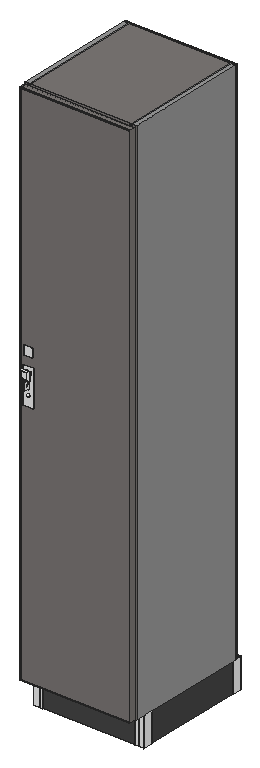
Revit family "Wood_Lockers_Hasps-Salsbury_Industries-15_41000_Series-1_Wide_Units", category Specialty Equipment, Revit 2026 (continued)
Definition of nested family "Wood Locker Sloping Hoods"
  Types (20): name | Width | Visible | Version | Type Comments | Model | Manufacturer | Height | Description | Depth
    44352 - for 21" Deep Lockers (1 Wide) | 12.000" | yes | "1.0 (12/15/23)" | "Sloping Hood for Premier Wood Lockers" | "44352" | "Salsbury Industries" | 7.993" | "For 21\" D - 1 Wide Lockers" | 20.625"
    44359 - for 15" Deep Lockers (3 Wide) | 36.000" | yes | "1.0 (12/15/23)" | "Sloping Hood for Premier Wood Lockers" | "44359" | "Salsbury Industries" | 5.743" | "For 15\" D - 3 Wide Lockers" | 14.625"
    44356 - for 18" Deep Lockers (3 Wide) | 36.000" | yes | "1.0 (12/15/23)" | "Sloping Hood for Premier Wood Lockers" | "44356" | "Salsbury Industries" | 6.868" | "For 18\" D - 3 Wide Lockers" | 17.625"
    44354 - for 21" Deep Lockers (3 Wide) | 36.000" | yes | "1.0 (12/15/23)" | "Sloping Hood for Premier Wood Lockers" | "44354" | "Salsbury Industries" | 7.993" | "For 21\" D - 3 Wide Lockers" | 20.625"
    44255 - for 24" Deep Lockers (1 Wide) | 15.000" | yes | "1.0 (12/15/23)" | "Sloping Hood for Premier Wood Lockers" | "44255" | "Salsbury Industries" | 9.118" | "For 24\" D - 1 Wood Lockers" | 23.625"
    442257 - for 24" Deep Lockers (3 Wide) | 45.000" | yes | "1.0 (12/15/23)" | "Sloping Hood for Premier Wod Lockers" | "44257" | "Salsbury Industries" | 9.118" | "For 24\" D - 3 Wide Lockers" | 23.625"
    44252 - for 21" Deep Lockers (1 Wide) | 15.000" | yes | "1.0 (12/15/23)" | "Sloping Hood for 15\" Wide Premier Wood Lockers" | "44252" | "Salsbury Industries" | 7.993" | "For 21\" D - 1 Wide Lockers" | 20.625"
    44254 - for 21" Deep Lockers (3 Wide) | 45.000" | yes | "1.0 (12/15/23)" | "Sloping Hood for 15\" Wide Premier Wood Lockers" | "44254" | "Salsbury Industries" | 7.993" | "For 21\" D - 3 Wide Lockers" | 20.625"
    44251 - for 18" Deep Lockers (1 Wide) | 15.000" | yes | "1.0 (12/15/23)" | "Sloping Hood for 15\"Wide Premier Wood Lockers" | "44251" | "Salsbury Industries" | 6.868" | "For 18\" D - 1 Wide Lockers" | 17.625"
    44253 - for 18" Deep Lockers (3 Wide) | 45.000" | yes | "1.0 (12/15/23)" | "Sloping Hood for 15\" Wide Premier Wood Lockers" | "44253" | "Salsbury Industries" | 6.868" | "For 18\" D - 3 Wide Lockers" | 17.625"
    None | 12.000" | no | "" | "" | "" | "" | 5.743" | "" | 14.625"
    44818 - for 18" Deep Lockers (1 Wide) | 18.000" | yes | "1.0 (12/15/23)" | "Sloping Hood for Premier Wood Lockers" | "44818" | "Salsbury Industries" | 6.868" | "For 18\" D - 1 Wide Lockers" | 17.625"
    44811- for 21" Deep Lockers (1 Wide) | 18.000" | yes | "1.0 (12/15/23)" | "Sloping Hood for Premier Wood Lockers" | "44811" | "Salsbury Industries" | 7.993" | "For 21\" D - 1 Wide Lockers" | 20.625"
    44814- for 24" Deep Lockers (1 Wide) | 18.000" | yes | "1.0 (12/15/23)" | "Sloping Hood for Premier Wood Lockers" | "44814" | "Salsbury Industries" | 9.118" | "For 24\" D - 1 Wide Lockers" | 23.625"
    44838- for 18" Deep Lockers (3 Wide) | 54.000" | yes | "1.0 (12/15/23)" | "Sloping Hood for Premier Wood Lockers" | "44838" | "Salsbury Industries" | 6.868" | "For 18\" D - 3 Wide Lockers" | 17.625"
    44831- for 21" Deep Lockers (3 Wide) | 54.000" | yes | "1.0 (12/15/23)" | "Sloping Hood for Premier Wood Lockers" | "44831" | "Salsbury Industries" | 7.993" | "For 21\" D - 3 Wide Lockers" | 20.625"
    44834- for 24" Deep Lockers (3 Wide) | 54.000" | yes | "1.0 (12/15/23)" | "Sloping Hood for Premier Wood Lockers" | "834" | "Salsbury Industries" | 9.118" | "For 24\" D - 3 Wide Lockers" | 23.625"
  Reference planes (in)
    plane 1 "Center (Front/Back)": y = 0
    plane 2: z = 0
    plane 3 "Center (Left/Right)": x = 0
    plane 4 "Front of Hood": y = -11.8125
    plane 5 "Back of Hood": y = 11.8125
    plane 6 "Right Side of Hood": x = 27
    plane 7 "Left Side of Hood": x = -27
    plane 8 "Bottom of Hood": z = 0
    plane 9 "Top of Hood": z = 9.118
    plane 10: x = 26.25
    plane 11: x = -26.25
    plane 12: y = -11.7815
    plane 13: y = -11.0625
    plane 14: z = 9.087
    plane 15: z = 8.368
    plane 16: z = 0.062
    plane 17: z = 0.75
  Forms (in)
    Extrusion 1, solid, visible <- "Visible"
      sketch origin (27, 0.37227, 0) x (0, -1, 0) y (0, 0, 1)
        loop
          line (-0.26039, 4.07368) -> (-0.26039, 0) -> (0.37227, 0) -> (0.37227, 3.83066) -> (-0.26039, 4.07368)
      from 0 to 54
    Extrusion 2, solid, visible <- "Visible"
      sketch origin (0, 0, 0) x (0, 1, 0) y (0, 0, 1)
        loop
          line (-9.97273, 0) -> (11.8125, 8.368) -> (11.8125, 9.087) -> (-11.73269, 0.062) -> (-11.7815, 0.062) -> (-11.7815, 0) -> (-9.97273, 0)
      from -27 to 27
    Extrusion 3, solid, material <- "Laminate Surface", visible <- "Visible"
      sketch origin (0, 0, 0) x (0, 1, 0) y (0, 0, 1)
        loop
          line (-11.8125, 0.062) -> (-11.8125, 0) -> (-11.7815, 0) -> (-11.7815, 0.062) -> (-11.8125, 0.062)
      from -27 to 27
    Extrusion 4, solid, material <- "Laminate Surface", visible <- "Visible"
      sketch origin (0, 0, 0) x (0, 1, 0) y (0, 0, 1)
        loop
          line (11.8125, 9.118) -> (-11.8125, 0.062) -> (-11.73269, 0.062) -> (11.8125, 9.087) -> (11.8125, 9.118)
      from -27 to 27
  Dimensions and locks (in)
    equal spacing: plane 7 "Left Side of Hood", plane 3 "Center (Left/Right)", plane 6 "Right Side of Hood"
    "Width": plane 7 "Left Side of Hood" to plane 6 "Right Side of Hood"
    equal spacing: plane 4 "Front of Hood", plane 1 "Center (Front/Back)", plane 5 "Back of Hood"
    "Depth": plane 4 "Front of Hood" to plane 5 "Back of Hood"
    "Height": plane 9 "Top of Hood" to plane 8 "Bottom of Hood"
    plane 7 "Left Side of Hood" to plane 11 = 0.750"
    plane 10 to plane 6 "Right Side of Hood" = 0.750"
    plane 4 "Front of Hood" to plane 12 to plane 13 = 0.031" locked, 0.719" locked
    plane 15 to plane 14 to plane 9 "Top of Hood" = 0.719" locked, 0.031" locked
    locked: plane 16 to plane 8 "Bottom of Hood" at 0.062
    locked: plane 17 to plane 8 "Bottom of Hood" at 0.75
    aligned and locked: level to plane 2
    aligned and locked: Extrusion 2 to plane 6 "Right Side of Hood"
    aligned and locked: plane 7 "Left Side of Hood" to Extrusion 2
    aligned and locked: plane 7 "Left Side of Hood" to Extrusion 4
    aligned and locked: Extrusion 4 to plane 6 "Right Side of Hood"
    aligned and locked: Extrusion 3 to plane 6 "Right Side of Hood"
    aligned and locked: plane 7 "Left Side of Hood" to Extrusion 3
    aligned and locked: Extrusion 2 to Extrusion 1 sketch curve
    aligned and locked: plane 7 "Left Side of Hood" to Extrusion 1
    aligned and locked: Extrusion 1 to plane 6 "Right Side of Hood"
  Automatic sketch dimensions
    Extrusion 3 sketch curve to level = 0.000"
    Extrusion 3 sketch curve to plane 4 "Front of Hood" = 0.000"
    Extrusion 3 sketch curve to plane 12 = 0.000"
    plane 16 to Extrusion 3 sketch curve = 0.000"
    Extrusion 4 sketch curve to plane 4 "Front of Hood" = 0.000"
    plane 16 to Extrusion 4 sketch curve = 0.000"
    Extrusion 4 sketch curve to plane 5 "Back of Hood" = 0.000"
    plane 14 to Extrusion 4 sketch curve = 0.000"
    plane 9 "Top of Hood" to Extrusion 4 sketch curve = 0.000"
    Extrusion 4 sketch curve to plane 12 = 0.04881"
    Extrusion 2 sketch curve to level = 0.000"
    Extrusion 2 sketch curve to plane 12 = 0.000"
    plane 16 to Extrusion 2 sketch curve = 0.000"
    Extrusion 2 sketch curve to plane 5 "Back of Hood" = 0.000"
    plane 15 to Extrusion 2 sketch curve = 0.000"
    plane 14 to Extrusion 2 sketch curve = 0.000"
    Extrusion 2 sketch curve to plane 13 = 1.08977"
    Extrusion 2 sketch curve to plane 12 = 0.04881"
    Extrusion 1 sketch curve to level = 0.000"
    Extrusion 1 sketch curve to plane 1 "Center (Front/Back)" = 0.000"
    Extrusion 1 sketch curve to Extrusion 1 sketch curve = 0.24302"
Definition of nested family "Wood Locker Double Side Panels-With Slope"
  Parameters (values of type "44238DE - 6' H for 24"D Lockers")
    Width = 47.250"
    Visible = yes
    Version = "1.0 (12/15/23)"
    Type Comments = "Double End Panel for Premier Wood Lockers"
    Slope Height = 8.895"
    Model = "442386DE"
    Manufacturer = "Salsbury Industries"
    Laminate Surface = none
    Height = 72.153"
    Door Trim = none
    Description = "For 6' H x 21\" D Lockers with Sloping Hood"
    Depth = 0.750"
    Default Elevation = 0.000"
  Types (6): name | Width | Visible | Version | Type Comments | Slope Height | Model | Manufacturer | Height | Description
    (no name) | 47.250" | yes | "1.0 (12/15/23)" | "Double End Panel for Premier Wood Lockers" | 8.895" | "442386DE" | "Salsbury Industries" | 72.153" | "For 6' H x 21\" D Lockers with Sloping Hood"
    44339DE - 6' H for 15"D Lockers | 29.250" | yes | "1.0 (12/15/23)" | "Double End Panel for Premier Wood Lockers" | 5.681" | "44339DE" | "Salsbury Industries" | 72.062" | "For 6' H x 15\" D Lockers with Sloping Hood"
    44334DE - 6' H  for 18" D Lockers | 35.250" | yes | "1.0 (12/15/23)" | "Double End Panel for Premier Wood Lockers" | 6.806" | "44334DE" | "Salsbury Industries" | 72.062" | "For 6' H x 18\" D Lockers with Sloping Hood"
    44336DE - 6' H for 21" D Lockers | 41.250" | yes | "1.0 (12/15/23)" | "Double End Panel for Premier Wood Lockers" | 7.931" | "44336DE" | "Salsbury Industries" | 72.062" | "For 6' H x 21\" D Lockers with Sloping Hood"
    None | 14.000" | no | "" | "" | 5.500" | "" | "" | 72.000" | ""
    44238DE - 6' H for 24"D Lockers | 47.250" | yes | "1.0 (12/15/23)" | "Double End Panel for Premier Wood Lockers" | 8.895" | "442386DE" | "Salsbury Industries" | 72.153" | "For 6' H x 21\" D Lockers with Sloping Hood"
  Reference planes (in)
    plane 1 "Center (Front/Back)": y = 0
    plane 2: z = 0
    plane 3 "Center (Left/Right)": x = 0
    plane 4 "Back": y = 0.375
    plane 5 "Front": y = -0.375
    plane 6 "Left Side": x = -23.625
    plane 7 "Right Side": x = 23.625
    plane 8 "Bottom": z = 0
    plane 9 "Top": z = 72.153
    plane 10 "Center Elevation": z = 36.0765
    plane 11 "Wood - Laminate Edge": y = -0.344
    plane 12 "Right Side of Wood": x = 23.594
    plane 13 "Left Side of Wood": x = -23.594
    plane 14 "Top of Wood": z = 72.028
    plane 15 "Bottom of Wood": z = 0.125
    plane 16: z = 81.048
    plane 17: z = 81.017
  Forms (in)
    Extrusion 1, solid, visible <- "Visible"
      sketch origin (0, 0.375, 0) x (1, 0, 0) y (0, 0, 1)
        loop
          line (23.594, 72.122) -> (0, 81.017) -> (-23.594, 72.122) -> (-23.594, 0) -> (23.594, 0) -> (23.594, 72.122)
      from 0 to 0.719
    Extrusion 2, solid, material <- "Laminate Surface", visible <- "Visible"
      sketch origin (0, -0.375, 0) x (1, 0, 0) y (0, 0, 1)
        loop
          line (23.625, 0) -> (23.625, 72.153) -> (0, 81.048) -> (-23.625, 72.153) -> (-23.625, 0) -> (23.625, 0)
      from -0.031 to 0
    Extrusion 3, solid, material <- "Laminate Surface", visible <- "Visible"
      sketch origin (0, 0.375, 0) x (1, 0, 0) y (0, 0, 1)
        loop
          line (23.625, 0) -> (23.625, 72.153) -> (0, 81.048) -> (-23.625, 72.153) -> (-23.625, 0) -> (-23.594, 0) -> (-23.594, 72.122) -> (0, 81.017) -> (23.594, 72.122) -> (23.594, 0) -> (23.625, 0)
      from 0 to 0.719
  Dimensions and locks (in)
    equal spacing: plane 6 "Left Side", plane 3 "Center (Left/Right)", plane 7 "Right Side"
    plane 5 "Front" to plane 1 "Center (Front/Back)" to plane 4 "Back" = 0.375", 0.375"
    "Width": plane 6 "Left Side" to plane 7 "Right Side"
    "Depth": plane 5 "Front" to plane 4 "Back"
    equal spacing: plane 9 "Top", plane 10 "Center Elevation", plane 8 "Bottom"
    "Height": plane 9 "Top" to plane 8 "Bottom"
    locked: plane 5 "Front" to plane 11 "Wood - Laminate Edge" at 0.031
    locked: plane 15 "Bottom of Wood" to plane 8 "Bottom" at 0.125
    locked: plane 12 "Right Side of Wood" to plane 7 "Right Side" at 0.031
    locked: plane 6 "Left Side" to plane 13 "Left Side of Wood" at 0.031
    locked: plane 9 "Top" to plane 14 "Top of Wood" at 0.125
    "Slope Height": plane 16 to plane 9 "Top"
    locked: plane 16 to plane 17 at 0.031
    aligned and locked: level to plane 2
    aligned and locked: Extrusion 3 to plane 4 "Back"
    aligned and locked: plane 11 "Wood - Laminate Edge" to Extrusion 3
  Automatic sketch dimensions
    plane 6 "Left Side" to Extrusion 2 sketch curve = 0.000"
    Extrusion 2 sketch curve to plane 3 "Center (Left/Right)" = 0.000"
    plane 7 "Right Side" to Extrusion 2 sketch curve = 0.000"
    Extrusion 2 sketch curve to level = 0.000"
    Extrusion 2 sketch curve to plane 9 "Top" = 0.000"  (x2)
    Extrusion 2 sketch curve to plane 16 = 0.000"
    Extrusion 1 sketch curve to level = 0.000"
    plane 13 "Left Side of Wood" to Extrusion 1 sketch curve = 0.000"
    Extrusion 1 sketch curve to plane 3 "Center (Left/Right)" = 0.000"
    plane 12 "Right Side of Wood" to Extrusion 1 sketch curve = 0.000"
    Extrusion 1 sketch curve to plane 17 = 0.000"
    plane 9 "Top" to Extrusion 1 sketch curve = 0.031"  (x2)
    Extrusion 3 sketch curve to level = 0.000"  (x2)
    plane 6 "Left Side" to Extrusion 3 sketch curve = 0.000"
    plane 13 "Left Side of Wood" to Extrusion 3 sketch curve = 0.000"
    Extrusion 3 sketch curve to plane 3 "Center (Left/Right)" = 0.000"  (x2)
    plane 12 "Right Side of Wood" to Extrusion 3 sketch curve = 0.000"
    plane 7 "Right Side" to Extrusion 3 sketch curve = 0.000"
    Extrusion 3 sketch curve to plane 9 "Top" = 0.000"  (x2)
    plane 9 "Top" to Extrusion 3 sketch curve = 0.031"  (x2)
    Extrusion 3 sketch curve to plane 17 = 0.000"
    Extrusion 3 sketch curve to plane 16 = 0.000"
Definition of nested family "Wood Locker Side Panels-No Slope"
  Parameters (values of type "44237 - 6' H for 24"D Lockers")
    Width = 23.625"
    Visible = yes
    Version = "1.0 (12/15/23)"
    Type Comments = "Side Panel for Premier Wood Lockers without Sloping Hood"
    Model = "44237"
    Manufacturer = "Salsbury Industries"
    Laminate Surface = none
    Height = 72.000"
    Door Trim = none
    Description = "6' H for 21\" D Lockers"
    Depth = 0.750"
    Default Elevation = 0.000"
  Types (6): name | Width | Visible | Version | Type Comments | Model | Manufacturer | Description
    (no name) | 23.625" | yes | "1.0 (12/15/23)" | "Side Panel for Premier Wood Lockers without Sloping Hood" | "44237" | "Salsbury Industries" | "6' H for 21\" D Lockers"
    44330 - 6' H for 15"D Lockers | 14.625" | yes | "1.0 (12/15/23)" | "Side Panel for Premier Wood Lockers without Sloping Hood" | "44330" | "Salsbury Industries" | "6' H for 15\" D Lockers"
    44333 - 6' H for 18" D Lockers | 17.625" | yes | "1.0 (12/15/23)" | "Side Panel for Premier Wood Lockers withouth Sloping Hood" | "44333" | "Salsbury Industries" | "6' H for 18\" D Lockers"
    44335 - 6' H for 21" D Lockers | 20.625" | yes | "1.0 (12/15/23)" | "Side Panel for Premier Wood Lockers without Sloping Hood" | "44335" | "Salsbury Industries" | "6' H for 21\" D Lockers"
    None | 14.000" | no | "" | "" | "" | "" | ""
    44237 - 6' H for 24"D Lockers | 23.625" | yes | "1.0 (12/15/23)" | "Side Panel for Premier Wood Lockers without Sloping Hood" | "44237" | "Salsbury Industries" | "6' H for 21\" D Lockers"
  Reference planes (in)
    plane 1 "Center (Front/Back)": y = 0
    plane 2: z = 0
    plane 3 "Center (Left/Right)": x = 0
    plane 4 "Back": y = 0.375
    plane 5 "Front": y = -0.375
    plane 6 "Left Side": x = -11.8125
    plane 7 "Right Side": x = 11.8125
    plane 8 "Bottom": z = 0
    plane 9 "Top": z = 72
    plane 10 "Center Elevation": z = 36
    plane 11 "Wood - Laminate Edge": y = -0.344
    plane 12 "Right Side of Wood": x = 11.7815
    plane 13 "Left Side of Wood": x = -11.7815
    plane 14 "Top of Wood": z = 71.969
    plane 15 "Bottom of Wood": z = 0.031
  Forms (in)
    Extrusion 1, solid, visible <- "Visible"
      sketch origin (0, 0.375, 0) x (1, 0, 0) y (0, 0, 1)
        loop
          line (11.7815, 71.969) -> (-11.7815, 71.969) -> (-11.7815, 0.031) -> (11.7815, 0.031) -> (11.7815, 71.969)
      from 0 to 0.719
    Extrusion 2, solid, material <- "Laminate Surface", visible <- "Visible"
      sketch origin (0, -0.375, 0) x (1, 0, 0) y (0, 0, 1)
        loop
          line (-11.8125, 72) -> (-11.8125, 0) -> (11.8125, 0) -> (11.8125, 72) -> (-11.8125, 72)
      from -0.031 to 0
    Extrusion 3, solid, material <- "Laminate Surface", visible <- "Visible"
      sketch origin (0, 0, 0) x (1, 0, 0) y (0, 0, 1)
        loop
          line (-11.8125, 0) -> (11.8125, 0) -> (11.8125, 72) -> (-11.8125, 72) -> (-11.8125, 0)
        loop
          line (-11.7815, 0.031) -> (11.7815, 0.031) -> (11.7815, 71.969) -> (-11.7815, 71.969) -> (-11.7815, 0.031)
      from -0.375 to 0.344
  Dimensions and locks (in)
    equal spacing: plane 6 "Left Side", plane 3 "Center (Left/Right)", plane 7 "Right Side"
    plane 5 "Front" to plane 1 "Center (Front/Back)" to plane 4 "Back" = 0.375", 0.375"
    "Width": plane 6 "Left Side" to plane 7 "Right Side"
    "Depth": plane 5 "Front" to plane 4 "Back"
    equal spacing: plane 9 "Top", plane 10 "Center Elevation", plane 8 "Bottom"
    "Height": plane 9 "Top" to plane 8 "Bottom"
    locked: plane 5 "Front" to plane 11 "Wood - Laminate Edge" at 0.031
    locked: plane 15 "Bottom of Wood" to plane 8 "Bottom" at 0.031
    locked: plane 12 "Right Side of Wood" to plane 7 "Right Side" at 0.031
    locked: plane 6 "Left Side" to plane 13 "Left Side of Wood" at 0.031
    locked: plane 9 "Top" to plane 14 "Top of Wood" at 0.031
    aligned and locked: level to plane 2
    aligned and locked: Extrusion 2 sketch curve to plane 7 "Right Side"
    aligned and locked: plane 8 "Bottom" to Extrusion 2 sketch curve
    aligned and locked: plane 6 "Left Side" to Extrusion 2 sketch curve
    aligned and locked: plane 9 "Top" to Extrusion 2 sketch curve
    aligned and locked: Extrusion 3 to plane 4 "Back"
    aligned and locked: plane 11 "Wood - Laminate Edge" to Extrusion 3
  Automatic sketch dimensions
    plane 13 "Left Side of Wood" to Extrusion 1 sketch curve = 0.000"
    plane 12 "Right Side of Wood" to Extrusion 1 sketch curve = 0.000"
    Extrusion 1 sketch curve to plane 15 "Bottom of Wood" = 0.000"
    Extrusion 1 sketch curve to plane 14 "Top of Wood" = 0.000"
    plane 13 "Left Side of Wood" to Extrusion 3 sketch curve = 0.000"
    Extrusion 3 sketch curve to level = 0.000"
    plane 13 "Left Side of Wood" to Extrusion 3 sketch curve = 0.031"
    plane 12 "Right Side of Wood" to Extrusion 3 sketch curve = 0.000"
    plane 7 "Right Side" to Extrusion 3 sketch curve = 0.000"
    Extrusion 3 sketch curve to plane 15 "Bottom of Wood" = 0.000"
    Extrusion 3 sketch curve to plane 14 "Top of Wood" = 0.000"
    Extrusion 3 sketch curve to plane 9 "Top" = 0.000"
Definition of nested family "Wood Locker Double Side Panels-No Slope"
  Parameters (values of type "44237DE - 6' H for 24"D Lockers")
    Width = 47.250"
    Visible = yes
    Version = "1.0 (12/15/23)"
    Type Comments = "Double End Panel for Premier Wood Lockers"
    Model = "44237DE"
    Manufacturer = "Salsbury Industries"
    Laminate Surface = none
    Height = 72.000"
    Door Trim = none
    Description = "For 6' H x 21\" D without Sloping Hood"
    Depth = 0.750"
    Default Elevation = 0.000"
  Types (6): name | Width | Visible | Version | Type Comments | Model | Manufacturer | Description
    (no name) | 47.250" | yes | "1.0 (12/15/23)" | "Double End Panel for Premier Wood Lockers" | "44237DE" | "Salsbury Industries" | "For 6' H x 21\" D without Sloping Hood"
    44330DE - 6' H for 15"D Lockers | 29.250" | yes | "1.0 (12/15/23)" | "Double End Panel for Premier Wood Lockers" | "44330DE" | "Salsbury Industries" | "For 6' H x 15\" D without Sloping Hood"
    44333DE - 6' H for 18" D Lockers | 35.250" | yes | "1.0 (12/15/23)" | "Double End Panel for Premier Wood Lockers" | "44333DE" | "Salsbury Industries" | "For 6' H x 18\" D without Sloping Hood"
    44335DE - 6' H for 21" D Lockers | 41.250" | yes | "1.0 (12/15/23)" | "Double End Panel for Premier Wood Lockers" | "44335DE" | "Salsbury Industries" | "For 6' H x 21\" D without Sloping Hood"
    None | 14.000" | no | "" | "" | "" | "" | ""
    44237DE - 6' H for 24"D Lockers | 47.250" | yes | "1.0 (12/15/23)" | "Double End Panel for Premier Wood Lockers" | "44237DE" | "Salsbury Industries" | "For 6' H x 21\" D without Sloping Hood"
  Reference planes (in)
    plane 1 "Center (Front/Back)": y = 0
    plane 2: z = 0
    plane 3 "Center (Left/Right)": x = 0
    plane 4 "Back": y = 0.375
    plane 5 "Front": y = -0.375
    plane 6 "Left Side": x = -23.625
    plane 7 "Right Side": x = 23.625
    plane 8 "Bottom": z = 0
    plane 9 "Top": z = 72
    plane 10 "Center Elevation": z = 36
    plane 11 "Wood - Laminate Edge": y = -0.344
    plane 12 "Right Side of Wood": x = 23.594
    plane 13 "Left Side of Wood": x = -23.594
    plane 14 "Top of Wood": z = 71.969
    plane 15 "Bottom of Wood": z = 0.031
  Forms (in)
    Extrusion 1, solid, visible <- "Visible"
      sketch origin (0, 0.375, 0) x (1, 0, 0) y (0, 0, 1)
        loop
          line (23.594, 71.969) -> (-23.594, 71.969) -> (-23.594, 0.031) -> (23.594, 0.031) -> (23.594, 71.969)
      from 0 to 0.719
    Extrusion 2, solid, material <- "Laminate Surface", visible <- "Visible"
      sketch origin (0, -0.375, 0) x (1, 0, 0) y (0, 0, 1)
        loop
          line (-23.625, 72) -> (-23.625, 0) -> (23.625, 0) -> (23.625, 72) -> (-23.625, 72)
      from -0.031 to 0
    Extrusion 3, solid, material <- "Laminate Surface", visible <- "Visible"
      sketch origin (0, 0, 0) x (1, 0, 0) y (0, 0, 1)
        loop
          line (-23.625, 0) -> (23.625, 0) -> (23.625, 72) -> (-23.625, 72) -> (-23.625, 0)
        loop
          line (23.594, 71.969) -> (-23.594, 71.969) -> (-23.594, 0.031) -> (23.594, 0.031) -> (23.594, 71.969)
      from -0.375 to 0.344
  Dimensions and locks (in)
    equal spacing: plane 6 "Left Side", plane 3 "Center (Left/Right)", plane 7 "Right Side"
    plane 5 "Front" to plane 1 "Center (Front/Back)" to plane 4 "Back" = 0.375", 0.375"
    "Width": plane 6 "Left Side" to plane 7 "Right Side"
    "Depth": plane 5 "Front" to plane 4 "Back"
    equal spacing: plane 9 "Top", plane 10 "Center Elevation", plane 8 "Bottom"
    "Height": plane 9 "Top" to plane 8 "Bottom"
    locked: plane 5 "Front" to plane 11 "Wood - Laminate Edge" at 0.031
    locked: plane 15 "Bottom of Wood" to plane 8 "Bottom" at 0.031
    plane 12 "Right Side of Wood" to plane 7 "Right Side" = 0.031"
    locked: plane 6 "Left Side" to plane 13 "Left Side of Wood" at 0.031
    locked: plane 9 "Top" to plane 14 "Top of Wood" at 0.031
    aligned and locked: level to plane 2
    aligned and locked: Extrusion 2 sketch curve to plane 8 "Bottom"
    aligned and locked: plane 6 "Left Side" to Extrusion 2 sketch curve
    aligned and locked: Extrusion 2 sketch curve to plane 7 "Right Side"
    aligned and locked: Extrusion 2 sketch curve to plane 9 "Top"
    aligned and locked: Extrusion 3 to plane 4 "Back"
    aligned and locked: plane 11 "Wood - Laminate Edge" to Extrusion 3
  Automatic sketch dimensions
    plane 13 "Left Side of Wood" to Extrusion 1 sketch curve = 0.000"
    plane 12 "Right Side of Wood" to Extrusion 1 sketch curve = 0.000"
    Extrusion 1 sketch curve to plane 15 "Bottom of Wood" = 0.000"
    Extrusion 1 sketch curve to plane 14 "Top of Wood" = 0.000"
    Extrusion 3 sketch curve to level = 0.000"
    plane 6 "Left Side" to Extrusion 3 sketch curve = 0.000"
    plane 7 "Right Side" to Extrusion 3 sketch curve = 0.000"
    Extrusion 3 sketch curve to plane 9 "Top" = 0.000"
    plane 13 "Left Side of Wood" to Extrusion 3 sketch curve = 0.000"
    Extrusion 3 sketch curve to plane 15 "Bottom of Wood" = 0.000"
    Extrusion 3 sketch curve to plane 14 "Top of Wood" = 0.000"
    plane 12 "Right Side of Wood" to Extrusion 3 sketch curve = 0.000"
Definition of nested family "Wood Locker Sloping In-Line Fillers"
  Parameters (values of type "44489 - 15" W for 24" D Lockers")
    Width = 15.000"
    Visible = yes
    Version = "1.0 (12/15/23)"
    Type Comments = "Sloping Hood In-Line Filler for Premier Wood Lockers"
    Model = "44489"
    Manufacturer = "Salsbury Industries"
    Laminate Surface = none
    Height = 9.118"
    Description = "For 24\" D Lockers"
    Depth = 23.625"
    Default Elevation = 0.000"
  Types (10): name | Width | Visible | Version | Type Comments | Model | Manufacturer | Height | Description | Depth
    (no name) | 15.000" | yes | "1.0 (12/15/23)" | "Sloping Hood In-Line Filler for Premier Wood Lockers" | "44489" | "Salsbury Industries" | 9.118" | "For 24\" D Lockers" | 23.625"
    44487 - 15" W for 15" D Lockers | 15.000" | yes | "1.0 (12/15/23)" | "Sloping Hood In-Line Filler for Premier Wood Lockers" | "44487" | "Salsbury Industries" | 5.743" | "For 15\" D Lockers" | 14.625"
    44488 - 15" W for 18" D Lockers | 15.000" | yes | "1.0 (12/15/23)" | "Sloping Hood In-Line Filler for Premier Wood Lockers" | "44488" | "Salsbury Industries" | 6.868" | "For 18\" D Lockers" | 17.625"
    44481 - 15" W for 21" D Lockers | 15.000" | yes | "1.0 (12/15/23)" | "Sloping Hood In-Line Filler for Premier Wood Lockers" | "44481" | "Salsbury Industries" | 7.993" | "For 21\" D Lockers" | 20.625"
    None | 12.000" | no | "" | "" | "" | "" | 5.500" | "" | 14.000"
    44489 - 15" W for 24" D Lockers | 15.000" | yes | "1.0 (12/15/23)" | "Sloping Hood In-Line Filler for Premier Wood Lockers" | "44489" | "Salsbury Industries" | 9.118" | "For 24\" D Lockers" | 23.625"
    44488 - 9" W for 18" D Lockers | 9.000" | yes | "1.0 (12/15/23)" | "Sloping Hood In-Line Filler for Premier Wood Lockers" | "44488" | "Salsbury Industries" | 6.868" | "For 18\" D Lockers" | 17.625"
    44487 - 9" W for 15" D Lockers | 9.000" | yes | "1.0 (12/15/23)" | "Sloping Hood In-Line Filler for Premier Wood Lockers" | "44487" | "Salsbury Industries" | 5.743" | "For 15\" D Lockers" | 14.625"
    44481 - 9" W for 21" D Lockers | 9.000" | yes | "1.0 (12/15/23)" | "Sloping Hood In-Line Filler for Premier Wood Lockers" | "44481" | "Salsbury Industries" | 7.993" | "For 21\" D Lockers" | 20.625"
    44489 - 9" W for 24" D Lockers | 9.000" | yes | "1.0 (12/15/23)" | "Sloping Hood In-Line Filler for Premier Wood Lockers" | "44489" | "Salsbury Industries" | 9.118" | "For 24\" D Lockers" | 23.625"
  Reference planes (in)
    plane 1 "Center (Front/Back)": y = 0
    plane 2: z = 0
    plane 3 "Center (Left/Right)": x = 0
    plane 4 "Front of Hood": y = -11.8125
    plane 5 "Back of Hood": y = 11.8125
    plane 6 "Right Side of Hood": x = 7.5
    plane 7 "Left Side of Hood": x = -7.5
    plane 8 "Bottom of Hood": z = 0
    plane 9 "Top of Hood": z = 9.118
    plane 10: x = 6.75
    plane 11: x = -6.75
    plane 12: y = -11.7815
    plane 13: y = -11.0625
    plane 14: z = 9.087
    plane 15: z = 8.368
    plane 16: z = 0.062
    plane 17: z = 0.75
  Forms (in)
    Extrusion 1, solid, visible <- "Visible"
      sketch origin (0, 0, 0) x (0, 1, 0) y (0, 0, 1)
        loop
          line (-9.97273, 0) -> (11.8125, 8.368) -> (11.8125, 9.087) -> (-11.73269, 0.062) -> (-11.7815, 0.062) -> (-11.7815, 0) -> (-9.97273, 0)
      from -7.5 to 7.5
    Extrusion 2, solid, material <- "Laminate Surface", visible <- "Visible"
      sketch origin (0, 0, 0) x (0, 1, 0) y (0, 0, 1)
        loop
          line (-11.8125, 0.062) -> (-11.8125, 0) -> (-11.7815, 0) -> (-11.7815, 0.062) -> (-11.8125, 0.062)
      from -7.5 to 7.5
    Extrusion 3, solid, material <- "Laminate Surface", visible <- "Visible"
      sketch origin (0, 0, 0) x (0, 1, 0) y (0, 0, 1)
        loop
          line (11.8125, 9.118) -> (-11.8125, 0.062) -> (-11.73269, 0.062) -> (11.8125, 9.087) -> (11.8125, 9.118)
      from -7.5 to 7.5
  Dimensions and locks (in)
    equal spacing: plane 7 "Left Side of Hood", plane 3 "Center (Left/Right)", plane 6 "Right Side of Hood"
    "Width": plane 7 "Left Side of Hood" to plane 6 "Right Side of Hood"
    equal spacing: plane 4 "Front of Hood", plane 1 "Center (Front/Back)", plane 5 "Back of Hood"
    "Depth": plane 4 "Front of Hood" to plane 5 "Back of Hood"
    "Height": plane 9 "Top of Hood" to plane 8 "Bottom of Hood"
    plane 7 "Left Side of Hood" to plane 11 = 0.750"
    plane 10 to plane 6 "Right Side of Hood" = 0.750"
    plane 4 "Front of Hood" to plane 12 to plane 13 = 0.031" locked, 0.719" locked
    plane 15 to plane 14 to plane 9 "Top of Hood" = 0.719" locked, 0.031" locked
    locked: plane 16 to plane 8 "Bottom of Hood" at 0.062
    locked: plane 17 to plane 8 "Bottom of Hood" at 0.75
    aligned and locked: level to plane 2
    aligned and locked: Extrusion 1 to plane 6 "Right Side of Hood"
    aligned and locked: plane 7 "Left Side of Hood" to Extrusion 1
    aligned and locked: plane 7 "Left Side of Hood" to Extrusion 3
    aligned and locked: Extrusion 3 to plane 6 "Right Side of Hood"
    aligned and locked: Extrusion 2 to plane 6 "Right Side of Hood"
    aligned and locked: plane 7 "Left Side of Hood" to Extrusion 2
  Automatic sketch dimensions
    Extrusion 2 sketch curve to level = 0.000"
    Extrusion 2 sketch curve to plane 4 "Front of Hood" = 0.000"
    Extrusion 2 sketch curve to plane 12 = 0.000"
    plane 16 to Extrusion 2 sketch curve = 0.000"
    Extrusion 3 sketch curve to plane 4 "Front of Hood" = 0.000"
    plane 16 to Extrusion 3 sketch curve = 0.000"
    Extrusion 3 sketch curve to plane 5 "Back of Hood" = 0.000"
    plane 14 to Extrusion 3 sketch curve = 0.000"
    plane 9 "Top of Hood" to Extrusion 3 sketch curve = 0.000"
    Extrusion 3 sketch curve to plane 12 = 0.04881"
    Extrusion 1 sketch curve to level = 0.000"
    Extrusion 1 sketch curve to plane 12 = 0.000"
    plane 16 to Extrusion 1 sketch curve = 0.000"
    Extrusion 1 sketch curve to plane 5 "Back of Hood" = 0.000"
    plane 15 to Extrusion 1 sketch curve = 0.000"
    plane 14 to Extrusion 1 sketch curve = 0.000"
    Extrusion 1 sketch curve to plane 13 = 1.08977"
    Extrusion 1 sketch curve to plane 12 = 0.04881"
Definition of nested family "Wood Locker Sloping Corner Fillers"
  Parameters (values of type "44478 - for 18" D Lockers")
    Width = 19.875"
    Visible = yes
    Version = "1.0 (12/15/23)"
    Type Comments = "Sloping Hood Corner Filler for Premier Wood Lockers"
    Model = "44488"
    Manufacturer = "Salsbury Industries"
    Laminate Surface = none
    Height = 6.868"
    Description = "For 18\" D Lockers"
    Depth = 19.875"
    Default Elevation = 0.000"
  Types (6): name | Width | Visible | Version | Type Comments | Model | Manufacturer | Height | Description | Depth
    (no name) | 19.875" | yes | "1.0 (12/15/23)" | "Sloping Hood Corner Filler for Premier Wood Lockers" | "44488" | "Salsbury Industries" | 6.868" | "For 18\" D Lockers" | 19.875"
    44477 - for 15" D Lockers | 16.875" | yes | "1.0 (12/15/23)" | "Sloping Hood Corner Filler for Premier Wood Lockers" | "44487" | "Salsbury Industries" | 5.743" | "For 15\" D Lockers" | 16.875"
    44478 - for 18" D Lockers | 19.875" | yes | "1.0 (12/15/23)" | "Sloping Hood Corner Filler for Premier Wood Lockers" | "44488" | "Salsbury Industries" | 6.868" | "For 18\" D Lockers" | 19.875"
    44471- for 21" D Lockers | 22.875" | yes | "1.0 (12/15/23)" | "Sloping Hood Corner Filler for Premier Wood Lockers" | "44481" | "Salsbury Industries" | 7.993" | "For 21\" D Lockers" | 22.875"
    44479- for 24" D Lockers | 25.875" | yes | "1.0 (12/15/23)" | "Sloping Hood Corner Filler for Premier Wood Lockers" | "44489" | "Salsbury Industries" | 9.118" | "For 24\" D Lockers" | 25.875"
    None | 16.875" | no | "" | "" | "" | "" | 5.743" | "" | 16.875"
  Reference planes (in)
    plane 1 "Center (Front/Back)": y = -0.8125
    plane 2: z = 0
    plane 3 "Center (Left/Right)": x = 0.8125
    plane 4 "Front of Hood": y = -8.5
    plane 5 "Right Side of Hood": x = 8.5
    plane 6 "Bottom of Hood": z = 0
    plane 7 "Black Trim Line": y = -8.469
    plane 8: z = 0.062
    plane 9: z = 0.75
    plane 10 "New Back of Hood": y = 9.125
    plane 11 "New Front of Hood": y = -10.75
    plane 12 "New Left Side": x = -9.125
    plane 13 "New Right Side": x = 10.75
    plane 14 "Top": z = 6.868
    plane 15: x = 8.469
  Forms (in)
    Extrusion 1, solid, visible <- "Visible"
      sketch origin (0.8125, 0, 0) x (0, 1, 0) y (0, 0, 1)
        loop
          line (-6.66023, 0) -> (9.125, 6.11937) -> (9.125, 6.837) -> (-8.42019, 0.062) -> (-8.469, 0.062) -> (-8.469, 0) -> (-6.66023, 0)
      from -9.9375 to 9.9375
    Extrusion 2, solid, material <- "Laminate Surface", visible <- "Visible"
      sketch origin (0.8125, 0, 0.00023) x (0, 1, 0) y (0, 0, 1)
        loop
          line (9.125, 6.86777) -> (-8.5, 0.06177) -> (-8.42019, 0.06177) -> (9.125, 6.83677) -> (9.125, 6.86777)
      from -9.9375 to 9.9375
    Extrusion 3, void
      sketch origin (0, 0, 0) x (0, -1, 0) y (1, 0, 0)
        loop
          line (8.5, 8.5) -> (-9.125, -9.125) -> (8.5, -9.125) -> (8.5, 8.5)
      from 0 to 6.868
    Extrusion 4, solid, material <- "Laminate Surface", visible <- "Visible"
      sketch origin (10.75, 0, 0) x (0, -1, 0) y (0, 0, 1)
        loop
          line (8.5, 0) -> (8.5, 0.062) -> (8.469, 0.062) -> (8.469, 0) -> (8.5, 0)
      from 0 to 2.25
    Extrusion 5, solid, visible <- "Visible"
      sketch origin (-1.125, -0.8125, 0) x (1, 0, 0) y (0, 0, 1)
        loop
          line (7.78523, 0) -> (9.594, 0) -> (9.594, 0.062) -> (9.54519, 0.062) -> (-8, 6.837) -> (-8, 6.11937) -> (7.78523, 0)
      from -9.9375 to 9.9375
    Extrusion 6, solid, material <- "Laminate Surface", visible <- "Visible"
      sketch origin (-1.125, -0.8125, 0) x (1, 0, 0) y (0, 0, 1)
        loop
          line (-8, 6.868) -> (-8, 6.837) -> (9.54519, 0.062) -> (9.625, 0.062) -> (-8, 6.868)
      from -9.9375 to 9.9375
    Extrusion 7, solid, material <- "Laminate Surface", visible <- "Visible"
      sketch origin (0, -8.5, 0) x (1, 0, 0) y (0, 0, 1)
        loop
          line (8.5, 0) -> (8.5, 0.062) -> (8.469, 0.062) -> (8.469, 0) -> (8.5, 0)
      from 0 to 2.25
    Extrusion 8, void
      sketch origin (10.75, 0, 0) x (0, -1, 0) y (0, 0, 1)
        loop
          line (-9.125, 0) -> (6.66023, 0) -> (-9.125, 6.11937) -> (-9.125, 0)
      from 0 to 19.875
  Cuts and joins
    Extrusion 3, Extrusion 8 cuts Extrusion 1
    Extrusion 3 cuts Extrusion 2
    Extrusion 8 cuts Extrusion 5
    Extrusion 8 cuts Extrusion 6
  Dimensions and locks (in)
    locked: plane 4 "Front of Hood" to plane 7 "Black Trim Line" at 0.031
    locked: plane 8 to plane 6 "Bottom of Hood" at 0.062
    locked: plane 9 to plane 6 "Bottom of Hood" at 0.75
    "Height": plane 14 "Top" to plane 6 "Bottom of Hood"
    "Width": plane 12 "New Left Side" to plane 13 "New Right Side"
    "Depth": plane 11 "New Front of Hood" to plane 10 "New Back of Hood"
    equal spacing: plane 12 "New Left Side", plane 3 "Center (Left/Right)", plane 13 "New Right Side"
    equal spacing: plane 11 "New Front of Hood", plane 1 "Center (Front/Back)", plane 10 "New Back of Hood"
    locked: plane 5 "Right Side of Hood" to plane 13 "New Right Side" at 2.25
    locked: plane 11 "New Front of Hood" to plane 4 "Front of Hood" at 2.25
    locked: plane 15 to plane 5 "Right Side of Hood" at 0.031
    aligned and locked: level to plane 2
    aligned and locked: plane 12 "New Left Side" to Extrusion 3
    aligned and locked: Extrusion 2 to plane 13 "New Right Side"
    aligned and locked: plane 12 "New Left Side" to cut or joined group of Extrusion 2, Extrusion 3
    aligned and locked: cut or joined group of Extrusion 2, Extrusion 3 to plane 10 "New Back of Hood"
    aligned and locked: plane 12 "New Left Side" to cut or joined group of Extrusion 1, Extrusion 3, Extrusion 8
    aligned and locked: cut or joined group of Extrusion 1, Extrusion 3, Extrusion 8 to plane 13 "New Right Side"
    aligned and locked: cut or joined group of Extrusion 1, Extrusion 3, Extrusion 8 to plane 10 "New Back of Hood"  (x2)
    aligned and locked: plane 4 "Front of Hood" to cut or joined group of Extrusion 2, Extrusion 3
    aligned and locked: Extrusion 3 to cut or joined group of Extrusion 2, Extrusion 3
    aligned and locked: plane 13 "New Right Side" to cut or joined group of Extrusion 1, Extrusion 3, Extrusion 8
    aligned and locked: plane 5 "Right Side of Hood" to Extrusion 4
    aligned and locked: Extrusion 8 to Extrusion 1  (x2)
    aligned and locked: Extrusion 1 to Extrusion 8
    aligned and locked: cut or joined group of Extrusion 1, Extrusion 3, Extrusion 8 to Extrusion 6
    aligned and locked: plane 11 "New Front of Hood" to Extrusion 6
    aligned and locked: plane 12 "New Left Side" to Extrusion 6
    aligned and locked: plane 11 "New Front of Hood" to Extrusion 5
    aligned and locked: plane 12 "New Left Side" to Extrusion 5
    aligned and locked: cut or joined group of Extrusion 1, Extrusion 3, Extrusion 8 to Extrusion 5
  Automatic sketch dimensions
    Extrusion 1 sketch curve to level = 0.000"
    Extrusion 1 sketch curve to plane 7 "Black Trim Line" = 0.000"
    plane 8 to Extrusion 1 sketch curve = 0.000"
    Extrusion 1 sketch curve to plane 10 "New Back of Hood" = 0.000"
    Extrusion 1 sketch curve to Extrusion 1 sketch curve = 0.04881"
    Extrusion 1 sketch curve to Extrusion 1 sketch curve = 1.75996"
    plane 14 "Top" to Extrusion 1 sketch curve = 0.74863"
    plane 14 "Top" to Extrusion 1 sketch curve = 0.031"
    Extrusion 2 sketch curve to plane 4 "Front of Hood" = 0.000"
    plane 8 to Extrusion 2 sketch curve = 0.000"
    Extrusion 2 sketch curve to plane 10 "New Back of Hood" = 0.000"
    plane 14 "Top" to Extrusion 2 sketch curve = 0.000"
    Extrusion 2 sketch curve to plane 7 "Black Trim Line" = 0.04881"
    plane 14 "Top" to Extrusion 2 sketch curve = 0.031"
    plane 10 "New Back of Hood" to Extrusion 3 sketch curve = 0.000"
    plane 4 "Front of Hood" to Extrusion 3 sketch curve = 0.000"
    Extrusion 3 sketch curve to plane 12 "New Left Side" = 0.000"
    Extrusion 3 sketch curve to plane 5 "Right Side of Hood" = 0.000"
    Extrusion 4 sketch curve to level = 0.000"
    Extrusion 4 sketch curve to plane 7 "Black Trim Line" = 0.000"
    Extrusion 4 sketch curve to plane 4 "Front of Hood" = 0.000"
    plane 8 to Extrusion 4 sketch curve = 0.000"
    Extrusion 5 sketch curve to level = 0.000"
    Extrusion 5 sketch curve to plane 8 = 0.000"
    plane 14 "Top" to Extrusion 5 sketch curve = 0.031"
    Extrusion 5 sketch curve to plane 12 "New Left Side" = 0.000"
    plane 5 "Right Side of Hood" to Extrusion 5 sketch curve = 1.83977"
    plane 5 "Right Side of Hood" to Extrusion 5 sketch curve = 0.07981"
    Extrusion 5 sketch curve to Extrusion 5 sketch curve = 0.04881"
    Extrusion 5 sketch curve to Extrusion 5 sketch curve = 0.71763"
    plane 14 "Top" to Extrusion 6 sketch curve = 0.000"
    Extrusion 6 sketch curve to plane 8 = 0.000"
    Extrusion 6 sketch curve to plane 12 "New Left Side" = 0.000"
    plane 5 "Right Side of Hood" to Extrusion 6 sketch curve = 0.07981"
    Extrusion 6 sketch curve to Extrusion 6 sketch curve = 0.07981"
    plane 14 "Top" to Extrusion 6 sketch curve = 0.031"
    Extrusion 7 sketch curve to level = 0.000"
    plane 15 to Extrusion 7 sketch curve = 0.000"
    plane 5 "Right Side of Hood" to Extrusion 7 sketch curve = 0.000"
    Extrusion 7 sketch curve to plane 8 = 0.000"
    Extrusion 8 sketch curve to plane 10 "New Back of Hood" = 0.000"
    Extrusion 8 sketch curve to level = 0.000"
    Extrusion 8 sketch curve to plane 7 "Black Trim Line" = 1.80877"
    plane 14 "Top" to Extrusion 8 sketch curve = 0.74863"
Definition of nested family "Wood Locker Front Corner Filler"
  Parameters (values of type "44464 - for 6' H Lockers with Base")
    Width = 2.250"
    Visible Base = yes
    Visible = yes
    Version = "1.0 (12/15/23)"
    Type Comments = "Front Vertical Corner Filler for Designer Wood Lockers"
    Primary Structure Materials = none
    Model = "44464"
    Manufacturer = "Salsbury Industries"
    Laminate Surface = none
    Height = 72.000"
    Description = "For 6' H Lockers"
    Depth = 0.750"
    Default Elevation = 0.000"
    Base Primary Materials = none
    Base Height = 4.000"
  Types (3): name | Visible Base | Visible | Version | Type Comments | Model | Manufacturer | Description | Base Height
    None | no | no | "" | "" | "" | "" | "" | 4.000"
    44464 - for 6'H Lockers without Base | no | yes | "1.0 (12/15/23)" | "Front Vertical Corner Filler for Designer Wood Lockers" | "44464" | "Salsbury Industries" | "For 6' H Lockers" | 0.000"
    44464 - for 6' H Lockers with Base | yes | yes | "1.0 (12/15/23)" | "Front Vertical Corner Filler for Designer Wood Lockers" | "44464" | "Salsbury Industries" | "For 6' H Lockers" | 4.000"
  Reference planes (in)
    plane 1 "Center (Front/Back)": y = 0
    plane 2 "Bottom of Base": z = 0
    plane 3 "Center (Left/Right)": x = 0
    plane 4 "Back": y = 0.375
    plane 5 "Front": y = -0.375
    plane 6 "Left Side": x = -1.125
    plane 7 "Right Side": x = 1.125
    plane 8 "Bottom": z = 4
    plane 9 "Top": z = 76
    plane 10 "Center Elevation": z = 40
    plane 11 "Wood - Laminate Edge": y = -0.344
    plane 12 "Right Side of Wood": x = 1
    plane 13 "Left Side of Wood": x = -1
    plane 14 "Top of Wood": z = 75.875
    plane 15 "Bottom of Wood": z = 4.125
    plane 16 "Front of Base Filler": y = 1
  Forms (in)
    Extrusion 1, solid, material <- "Primary Structure Materials", visible <- "Visible"
      sketch origin (0, 0.375, 0) x (1, 0, 0) y (0, 0, 1)
        loop
          line (1.125, 76) -> (-1.156, 76) -> (-1.156, 4) -> (1.125, 4) -> (1.125, 76)
      from 0 to 0.719
    Extrusion 2, solid, material <- "Laminate Surface", visible <- "Visible"
      sketch origin (0, -0.375, 0) x (1, 0, 0) y (0, 0, 1)
        loop
          line (-1.125, 76) -> (-1.125, 4) -> (1.125, 4) -> (1.125, 76) -> (-1.125, 76)
      from -0.031 to 0
    Extrusion 3, solid, material <- "Primary Structure Materials", visible <- "Visible"
      sketch origin (-1.875, -1.5, 0) x (0, 1, 0) y (0, 0, 1)
        loop
          line (1.875, 76) -> (-1.125, 76) -> (-1.125, 4) -> (1.875, 4) -> (1.875, 76)
      from 0 to 0.719
    Extrusion 4, solid, material <- "Laminate Surface", visible <- "Visible"
      sketch origin (-1.125, -1.5, 0) x (0, 1, 0) y (0, 0, 1)
        loop
          line (-1.125, 76) -> (-1.125, 4) -> (1.156, 4) -> (1.156, 76) -> (-1.125, 76)
      from -0.031 to 0
    Extrusion 5, solid, material <- "Base Primary Materials", visible <- "Visible Base"
      sketch origin (0, 0, 0) x (1, 0, 0) y (0, 1, 0)
        loop
          line (-3.25, 1.75) -> (-3.25, -2.625) -> (-1.875, -2.625) -> (-1.875, 1.75) -> (-3.25, 1.75)
      from 4 to 4.75
    Extrusion 6, solid, material <- "Base Primary Materials", visible <- "Visible Base"
      sketch origin (0, 0, 0) x (1, 0, 0) y (0, 1, 0)
        loop
          line (-1.875, 1.75) -> (-1.875, 0.375) -> (1.125, 0.375) -> (1.125, 1.75) -> (-1.875, 1.75)
      from 4 to 4.75
    Extrusion 7, solid, material <- "Base Primary Materials", visible <- "Visible Base"
      sketch origin (0, 0, 0) x (1, 0, 0) y (0, 1, 0)
        loop
          line (1.125, 1.75) -> (-2.43407, 1.75) -> (-2.43407, 1) -> (1.125, 1) -> (1.125, 1.75)
      from 0 to 4
    Extrusion 8, solid, material <- "Base Primary Materials", visible <- "Visible Base"
      sketch origin (0, 0, 0) x (1, 0, 0) y (0, 1, 0)
        loop
          line (-3.25, 1.75) -> (-3.25, -2.625) -> (-2.43407, -2.625) -> (-2.43407, 1.75) -> (-3.25, 1.75)
      from 0 to 4
  Dimensions and locks (in)
    equal spacing: plane 6 "Left Side", plane 3 "Center (Left/Right)", plane 7 "Right Side"
    plane 5 "Front" to plane 1 "Center (Front/Back)" to plane 4 "Back" = 0.375", 0.375"
    "Width": plane 6 "Left Side" to plane 7 "Right Side"
    "Depth": plane 5 "Front" to plane 4 "Back"
    equal spacing: plane 9 "Top", plane 10 "Center Elevation", plane 8 "Bottom"
    "Height": plane 9 "Top" to plane 8 "Bottom"
    locked: plane 5 "Front" to plane 11 "Wood - Laminate Edge" at 0.031
    locked: plane 15 "Bottom of Wood" to plane 8 "Bottom" at 0.125
    locked: plane 12 "Right Side of Wood" to plane 7 "Right Side" at 0.125
    locked: plane 6 "Left Side" to plane 13 "Left Side of Wood" at 0.125
    locked: plane 9 "Top" to plane 14 "Top of Wood" at 0.125
    locked: plane 5 "Front" to plane 16 "Front of Base Filler" at 1.375
    "Base Height": plane 8 "Bottom" to plane 2 "Bottom of Base"
    aligned and locked: level to plane 2 "Bottom of Base"
    aligned and locked: plane 8 "Bottom" to Extrusion 1
    aligned and locked: Extrusion 7 to Extrusion 5
    aligned and locked: Extrusion 8 to Extrusion 5
    aligned and locked: Extrusion 7 to Extrusion 8
  Automatic sketch dimensions
    Extrusion 1 sketch curve to plane 9 "Top" = 0.000"
    Extrusion 1 sketch curve to plane 8 "Bottom" = 0.000"
    plane 7 "Right Side" to Extrusion 1 sketch curve = 0.000"
    plane 6 "Left Side" to Extrusion 1 sketch curve = 0.031"
    plane 6 "Left Side" to Extrusion 2 sketch curve = 0.000"
    plane 7 "Right Side" to Extrusion 2 sketch curve = 0.000"
    Extrusion 2 sketch curve to plane 8 "Bottom" = 0.000"
    Extrusion 2 sketch curve to plane 9 "Top" = 0.000"
    plane 9 "Top" to Extrusion 3 sketch curve = 0.000"
    plane 8 "Bottom" to Extrusion 3 sketch curve = 0.000"
    Extrusion 3 sketch curve to plane 4 "Back" = 0.000"
    plane 5 "Front" to Extrusion 3 sketch curve = 2.250"
    plane 8 "Bottom" to Extrusion 4 sketch curve = 0.000"
    plane 9 "Top" to Extrusion 4 sketch curve = 0.000"
    Extrusion 4 sketch curve to plane 11 "Wood - Laminate Edge" = 0.000"
    plane 5 "Front" to Extrusion 4 sketch curve = 2.250"
    plane 6 "Left Side" to Extrusion 5 sketch curve = 2.125"
    plane 6 "Left Side" to Extrusion 5 sketch curve = 0.750"
    plane 5 "Front" to Extrusion 5 sketch curve = 2.250"
    Extrusion 5 sketch curve to plane 16 "Front of Base Filler" = 0.750"
    plane 16 "Front of Base Filler" to Extrusion 7 sketch curve = 0.000"
    Extrusion 7 sketch curve to plane 7 "Right Side" = 0.000"
    plane 6 "Left Side" to Extrusion 7 sketch curve = 1.30907"
    Extrusion 7 sketch curve to plane 16 "Front of Base Filler" = 0.750"
    plane 6 "Left Side" to Extrusion 8 sketch curve = 2.125"
    Extrusion 8 sketch curve to Extrusion 8 sketch curve = 0.81593"
    plane 5 "Front" to Extrusion 8 sketch curve = 2.250"
    Extrusion 8 sketch curve to plane 16 "Front of Base Filler" = 0.750"
    plane 4 "Back" to Extrusion 6 sketch curve = 0.000"
    Extrusion 6 sketch curve to plane 7 "Right Side" = 0.000"
    plane 6 "Left Side" to Extrusion 6 sketch curve = 0.750"
    Extrusion 6 sketch curve to plane 16 "Front of Base Filler" = 0.750"
Types (7): name | Unit Height including Sloping Hood Only | Unit Height including Base Only | Sloping Hood Height | Overall Unit Height including Base and Sloping Hood | Model | Description | Depth | Compartment Depth | Base Height | Base Depth | Base
  (no name) | 78.868" | 76.000" | 6.868" | 82.868" | "15-41168" | "1 Wide - 6 Feet High - 18 inches Deep - with Base" | 18.000" | 16.750" | 4.000" | 16.250" | Wood Locker Bases : Base - 15" W x 18" D Lockers
  15-41164 | 81.118" | 76.000" | 9.118" | 85.118" | "15-41164" | "1 Wide - 6 Feet High - 24 inches Deep - with Base" | 24.000" | 22.750" | 4.000" | 22.250" | Wood Locker Bases : Base - 15" W x 24" D Lockers
  15-41164 - Without Base | 81.118" | 72.000" | 9.118" | 81.118" | "15-41164 - without Base" | "1 Wide - 6 Feet High - 24 inches Deep - without Base" | 24.000" | 22.750" | 0.000" | 22.250" | Wood Locker Bases : None
  15-41168 | 78.868" | 76.000" | 6.868" | 82.868" | "15-41168" | "1 Wide - 6 Feet High - 18 inches Deep - with Base" | 18.000" | 16.750" | 4.000" | 16.250" | Wood Locker Bases : Base - 15" W x 18" D Lockers
  15-41168 - Without Base | 78.868" | 72.000" | 6.868" | 78.868" | "15-41168 - without Base" | "1 Wide - 6 Feet High - 18 inches Deep - without Base" | 18.000" | 16.750" | 0.000" | 16.250" | Wood Locker Bases : None
  15-41161 | 79.993" | 76.000" | 7.993" | 83.993" | "15-41161" | "1 Wide - 6 Feet High - 21 inches Deep - with Base" | 21.000" | 19.750" | 4.000" | 19.250" | Wood Locker Bases : Base - 15" W x 21" D Lockers
  15-41161 - Without Base | 79.993" | 72.000" | 7.993" | 79.993" | "15-41161 - without Base" | "1 Wide - 6 Feet High - 21 inches Deep - without Base" | 21.000" | 19.750" | 0.000" | 19.250" | Wood Locker Bases : None
